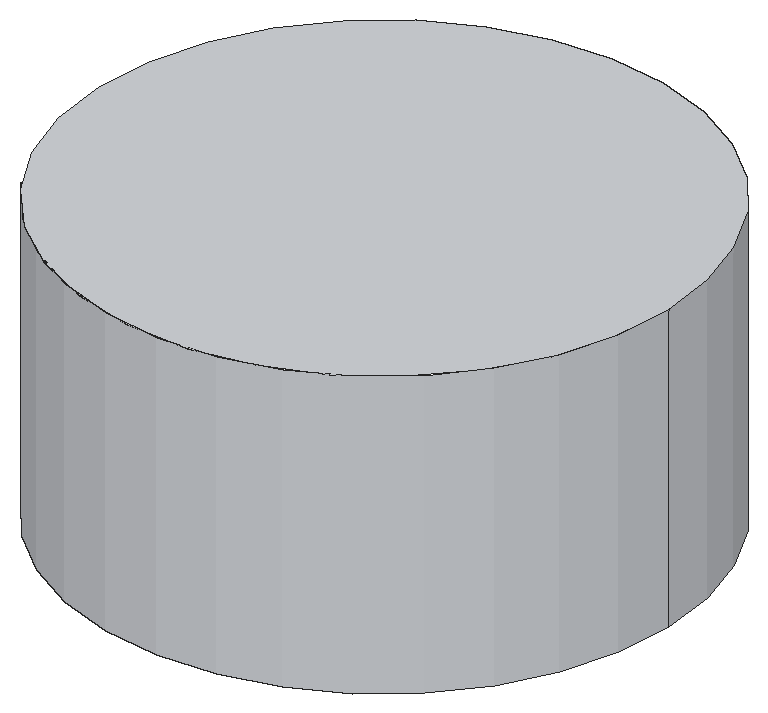
Revit family "ASF-10-C2", category Mechanical Equipment, Revit 2023
Family settings
  Round Connector Dimension = Use Diameter
  Classification = None
  Part Type = Normal
  OmniClass Number = 23.75.00.00
  OmniClass Title = Climate Control (HVAC)
  Work Plane-Based = No
  Always vertical = Yes
  Cut with Voids When Loaded = No
  Maintain Annotation Orientation = No
  Shared = No
  Room Calculation Point = No
Parameters (values of type "Standard")
  Volume = 0.071699 CF
  Title = "Aura Solar Attic Fan - 10\" Diameter, 2\" Tall Collar"
  Subject = "ASF-10-C2"
  Requested Accuracy = "Low"
  Part Number = "ASF-10-C2"
  Mass = 12.2622 lbm
  Designer = "CAD Machine"
  Design State = 1
  Density = 171.023 lb/ft³
  Default Elevation = 0' - 0"
  Creation Date = "11/14/2022"
  Connector_1_Diameter = 0' - 9 3/4"
  Center of Gravity = "X: -0.036 in Y: -2.066 in Z: 0.022 in"
  Author = "CAD Machine"
  Area = 23.5712 SF
Reference planes (in)
  plane 1 "Center (Front/Back)": y = 0
  plane 2: z = 0
  plane 3 "Center (Left/Right)": x = 0
Forms (in)
  Extrusion 1, solid
    sketch origin (0, 0, -10.30799) x (1, 0, 0) y (0, 1, 0)
      loop
        circle (0, 0) r 0.12
    from 0 to -0.12
Dimensions and locks (in)
  aligned and locked: plane 2 to level
Connectors (in)
  hvac at (0, 0, -10.30799), driven by "Connector_1_Diameter"
    settings: on Extrusion 1, index 1, duct flow 0 CFM, flow factor 0, pres drop 0.00 in-wg, loss coef 0, conn angle 0.00°, conn width 12", conn height 12", conn diameter 9 3/4", duct sys type 3, conn prof type 0, flow config 1, flow direction 1, loss method 0, conn ref index -1, conn util no, is conn primary yes, conn desc ""
